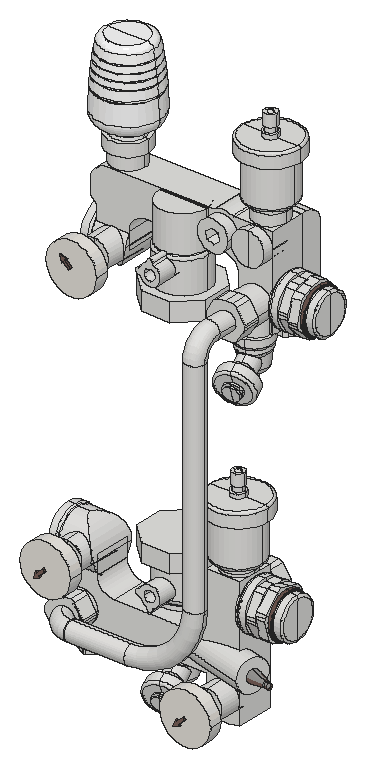
Revit family "VT.COMBI", category Оборудование, Revit 2019
Family settings
  Размер круглого соединителя = Использовать диаметр
  Тип детали = Нормальный
  Номер OmniClass = 23.75.00.00
  Заголовок OmniClass = Climate Control (HVAC)
  На основе рабочей плоскости = Нет
  Всегда вертикально = Да
  При загрузке вырезать с полостями = Нет
  Общий = Нет
  Точка расчета площади = Нет
Parameters
  Тип статьи = Группа модели  # "COMBI/S"
  Техническое описание = "https://valtec.ru/catalog/sistemy_modulnogo_montazha/smesitelnye_uzly/nasosno_smesitelnyj_uzel_dlya_teplogo_pola_valtec_combi_vtcombi0.html"
  Страна производитель = "Italy"
  Семейство продуктов = "Насосно-смесительный узел"
  Произведено в = "Сделано в Италии"  # constant formula
  Продукт = "COMBIMIX"
  Практическое руководство по использованию семьи = "- Вы должны выбрать тип смешивания. Отметьте эту опцию в параметрах «Свойства модели - смешивание с фиксированной точкой» или «Свойства модели - смешивание с внешней компенсированной температурой».\r\n- Вы должны выбрать место для насоса. Отметьте этот параметр в параметрах «Свойства модели - 130 мм пространства насоса» или «Свойства модели - 180 мм пространства насоса».\r\n- Вы должны выбрать, если насос включен или нет. Установите этот флажок в параметрах «Свойства модели - насос включен» или «Свойства модели - насос не включен».\r\n- Вы должны выбрать версию без байпаса (ожидается электронный насос с переменной скоростью) или с байпасом (ожидается стандартный трехскоростной насос). Отметьте эту опцию в параметрах «Свойства модели - байпас для электронасоса с переменной скоростью» или «Свойства модели - байпас для трехскоростного насоса»."
  Полный гидравлический возвратный поток = 0.0 L/s
  Описание статьи = Описание  # "Насосно-смесительный узел"
  Описание Конфигурации = "Регулятор COMBIMIX для излучающих систем."
  Описание OmniClass = "Арматура"
  Описание NBS = "Арматура"
  Общий поток подачи гидравлики = 0.0 L/s
  Номинальная ширина = 0 mm
  Номинальная высота = 0 mm
  Название производителя = "IVAR"
  Материал основной = "Brass"
  Материал вторичный = "Copper"
  Мастерформат 2014 Описание = "Отопление, вентиляция и кондиционирование воздуха (HVAC)"
  Линия продуктов = "радиаторные системы"  # constant formula
  Инструкции по установке = "https://valtec.ru/catalog/sistemy_modulnogo_montazha/smesitelnye_uzly/nasosno_smesitelnyj_uzel_dlya_teplogo_pola_valtec_combi_vtcombi0.html"
  Дата публикации = ""
  Группа товаров = "Смесительно группа для систем COMBIMIX"
  Гидравлический поток подачи = 0.0 L/s
  Гидравлический возвратный поток = 0.0 L/s
  нет байпаса для электронного насоса с переменной скоростью [instance] = yes
  байпас для трехскоростного насоса [instance] = not(нет байпаса для электронного насоса с переменной скоростью)  # no
  смешивание с внешней компенсированной температурой [instance] = not(смешивание с фиксированной точкой)  # no
  смешивание с фиксированной точкой [instance] = yes
  Вес нетто (Kg) = "0"
  Uniformat II Description = "HVAC"
  Uniclass 2015 Имя = "Системы отопления, охлаждения и охлаждения"
  Uniclass 2.0 Описание = "Арматура"
  Uniclass 1.4 Описание = "Арматура"
  URL продукта = "https://valtec.ru/catalog/sistemy_modulnogo_montazha/smesitelnye_uzly/nasosno_smesitelnyj_uzel_dlya_teplogo_pola_valtec_combi_vtcombi0.html"
  URL бренда = "https://valtec.ru/catalog/sistemy_modulnogo_montazha/smesitelnye_uzly/nasosno_smesitelnyj_uzel_dlya_teplogo_pola_valtec_combi_vtcombi0.html"
  URL = "https://valtec.ru/catalog/sistemy_modulnogo_montazha/smesitelnye_uzly/nasosno_smesitelnyj_uzel_dlya_teplogo_pola_valtec_combi_vtcombi0.html"
  Revit Version = "2018"  # constant formula
  Размеры соединения насоса = "G 1\"1/2F flat seal"
  Макс рабочая температура = 100 °C
  Макс рабочее давление = 1000000.0 Pa
  IFC классификация = "Клапан"
  Размер соединения = "G 1\""
  COBIe Тип Категория = ""
  BIM код основной категории объекта = "Водопровод"
  BIM код категории объекта = "Водопровод-дополнительный"
  BIM категория объекта = "Дополнительный"
  BIM главная категория объекта = "Водопровод"
  180мм пространство насосное [instance] = yes
  Изготовитель = "IVAR"  # constant formula
  Группа модели = "COMBI/S"  # constant formula
  Manufacturer URL = "https://valtec.ru/catalog/sistemy_modulnogo_montazha/smesitelnye_uzly/nasosno_smesitelnyj_uzel_dlya_teplogo_pola_valtec_combi_vtcombi0.html"
  Family Version = "Rev.00"  # constant formula
  EMCS Version = "3.0"  # constant formula
  Описание = "Насосно-смесительный узел"  # constant formula
Reference planes
  plane 1 "Centro (Fronte/Retro)": y = 0
  plane 2: z = 0
  plane 3 "Centro (Sinistra/Destra)": x = 0
  plane 4: z = 0
Forms (mm)
  Extrusion 1, solid, material "RGB 233 227 216", detail levels medium+fine
    sketch origin (-114.408, -13.86, 331.639) x (1, 0, 0) y (0, 0, -1)
      loop
        circle (113.47, 331.639) r 20
    from -40.997 to -30.914
  Revolve 2, solid, material "Brass - Nickel", detail levels medium+fine
    sketch origin (-0.937, 0, 249.375) x (0, 1, 0) y (0, 0, 1)
      loop
        line (-32.823, -249.203) -> (-32.823, -244.861) -> (-45.074, -244.861) -> (-45.074, -249.203) -> (-32.823, -249.203)
      axis (-32.823, -249.203) -> (-45.074, -249.203)
    angle from 0 to 360
  Revolve 3, solid, material "Brass - Nickel", detail levels medium+fine
    sketch origin (-1, -0.005, 252.093) x (0, 1, 0) y (0, 0, 1)
      loop
        line (4.147, -251.762) -> (4.147, -238.699) -> (-32.823, -239.99) -> (-32.823, -251.762) -> (4.147, -251.762)
      axis (4.147, -251.762) -> (-32.823, -251.762)
    angle from 0 to 360
  Extrusion 4, solid, material "PA Nylon 6 - Black", detail levels fine
    sketch origin (-101.569, 0, 557.735) x (-0.681998, 0, -0.731354) y (0.731354, 0, -0.681998)
      loop
        line (338.094, 453.78) -> (338.094, 447.53) -> (337.012, 447.53) -> (339.344, 442.53) -> (341.834, 447.869) -> (340.594, 447.869) -> (340.594, 453.78) -> (338.094, 453.78)
    from 56.176 to 54.857
  Revolve 5, solid, material "Brass - Nickel", detail levels medium+fine
    sketch origin (223.213, 0, -173.084) x (1, 0, 0) y (0, 0, 1)
      loop
        line (-110.213, 302.071) -> (-111.347, 302.071) -> (-112.213, 300.571) -> (-115.063, 300.571) -> (-115.063, 291.801) -> (-114.013, 291.801) -> (-114.013, 287.571) -> (-115.069, 287.571)
        arc (-115.069, 287.571) -> (-115.552, 287.371) -> (-115.752, 286.887) r 0.683
        line (-115.752, 286.887) -> (-115.752, 283.771) -> (-131.874, 283.771)
        arc (-131.874, 283.771) -> (-133.135, 283.248) -> (-133.657, 281.988) r 1.783
        line (-133.657, 281.988) -> (-133.657, 272.584) -> (-129.113, 272.584) -> (-129.113, 241.092)
        arc (-129.113, 241.092) -> (-128.667, 240.016) -> (-127.591, 239.571) r 1.522
        line (-127.591, 239.571) -> (-123.853, 239.571) -> (-123.853, 235.071) -> (-123.067, 235.071) -> (-123.067, 226.084) -> (-110.213, 226.084) -> (-110.213, 302.071)
      axis (-110.213, 226.084) -> (-110.213, 302.071)
    angle from 0 to 360
  Extrusion 6, solid, material "Brass - Nickel", detail levels medium+fine
    sketch origin (0, 0, 0) x (1, 0, 0) y (0, 0, 1)
      loop
        arc (-18, 30.743) -> (-17.333, 28.119) -> (-15.495, 26.131) r 5.498
        arc (-15.495, 26.131) -> (-13.664, 24.151) -> (-13, 21.538) r 5.476
        line (-13, 21.538) -> (-13, 0) -> (12.997, 0) -> (12.997, 14.004)
        arc (12.997, 14.004) -> (16.804, 23.196) -> (25.996, 27.003) r 12.999
        line (25.996, 27.003) -> (76.011, 27.003)
        arc (76.011, 27.003) -> (80.671, 25.269) -> (85.642, 25.154) r 15
        arc (85.642, 25.154) -> (95.28, 22.328) -> (99.454, 13.192) r 12.086
        line (99.454, 13.192) -> (99.454, -20.5) -> (126, -20.5) -> (126, 53) -> (96.006, 53)
        arc (96.006, 53) -> (95.07, 53.109) -> (94.184, 53.428) r 4.089
        arc (94.184, 53.428) -> (87.289, 54.999) -> (80.441, 53.235) r 15
        arc (80.441, 53.235) -> (79.985, 53.06) -> (79.5, 53) r 2
        line (79.5, 53) -> (-5.024, 53)
        arc (-5.024, 53) -> (-14.199, 49.199) -> (-18, 40.024) r 12.976
        line (-18, 40.024) -> (-18, 30.743)
    from -14.5 to 14.5
  Extrusion 7, solid, material "Brass - Nickel", detail levels fine
    sketch origin (0, 0, 0) x (1, 0, 0) y (0, 0, 1)
      loop
        circle (56.5, 13) r 4.382
      loop
        arc (59.796, 20.411) -> (59.034, 21.054) -> (58.736, 22.006) r 1.787
        arc (58.736, 22.006) -> (56.5, 24.195) -> (54.264, 22.006) r 2.236
        arc (54.264, 22.006) -> (53.966, 21.054) -> (53.204, 20.411) r 1.787
        arc (53.204, 20.411) -> (50.765, 18.735) -> (49.089, 16.296) r 8.111
        arc (49.089, 16.296) -> (48.446, 15.534) -> (47.494, 15.236) r 1.787
        arc (47.494, 15.236) -> (45.305, 13) -> (47.494, 10.764) r 2.236
        arc (47.494, 10.764) -> (48.446, 10.466) -> (49.089, 9.704) r 1.787
        arc (49.089, 9.704) -> (62.235, 7.265) -> (59.796, 20.411) r 8.111
    from 0 to 48.854
  Revolve 8, solid, material "Plastic - White", visible <- "смешивание с фиксированной точкой", detail levels medium+fine
    sketch origin (0, 0, 0.097) x (1, 0, 0) y (0, 0, 1)
      loop
        line (0, 106.18) -> (0, 73.756) -> (12.882, 73.756) -> (12.882, 76.572)
        arc (12.882, 76.572) -> (13.772, 78.877) -> (15.98, 79.986) r 3.429
        arc (15.98, 79.986) -> (22.536, 83.348) -> (25.009, 90.288) r 10
        line (25.009, 90.288) -> (24.454, 106.18) -> (23.539, 106.18) -> (23.539, 108.031) -> (24.414, 108.031)
        arc (24.414, 108.031) -> (24.205, 111.537) -> (23.853, 115.031) r 85.798
        line (23.853, 115.031) -> (21.792, 115.031)
        arc (21.792, 115.031) -> (21.292, 115.531) -> (21.792, 116.031) r 0.5
        line (21.792, 116.031) -> (23.755, 116.031)
        arc (23.755, 116.031) -> (23.543, 118.285) -> (23.257, 120.531) r 68.892
        line (23.257, 120.531) -> (21.195, 120.531)
        arc (21.195, 120.531) -> (20.695, 121.031) -> (21.195, 121.531) r 0.5
        line (21.195, 121.531) -> (23.134, 121.531)
        arc (23.134, 121.531) -> (22.853, 123.785) -> (22.523, 126.031) r 103.712
        line (22.523, 126.031) -> (20.461, 126.031)
        arc (20.461, 126.031) -> (19.961, 126.531) -> (20.461, 127.031) r 0.5
        line (20.461, 127.031) -> (22.374, 127.031)
        arc (22.374, 127.031) -> (22.028, 129.284) -> (21.649, 131.531) r 153.627
        line (21.649, 131.531) -> (19.587, 131.531)
        arc (19.587, 131.531) -> (19.087, 132.031) -> (19.587, 132.531) r 0.5
        line (19.587, 132.531) -> (21.475, 132.531)
        arc (21.475, 132.531) -> (20.893, 135.701) -> (20.265, 138.862) r 224.027
        arc (20.265, 138.862) -> (18.526, 141.729) -> (15.368, 142.853) r 5
        line (15.368, 142.853) -> (0, 142.853) -> (0, 106.18)
      axis (0, 142.853) -> (0, 73.756)
    angle from 0 to 360
  Revolve 9, solid, material "Brass - Nickel", detail levels medium+fine
    sketch origin (0, 0, 0) x (1, 0, 0) y (0, 0, 1)
      loop
        arc (-16.203, -20) -> (-15.418, -19.833) -> (-14.769, -19.36) r 1.926
        arc (-14.769, -19.36) -> (-14.404, -19.094) -> (-13.962, -19) r 1.084
        line (-13.962, -19) -> (12.997, -19) -> (12.997, 0) -> (-21.5, 0) -> (-21.5, -16.3) -> (-21.5, -20) -> (-16.203, -20)
      axis (-21.5, 0) -> (12.997, 0)
    angle from 0 to 360
  Extrusion 10, void
    sketch origin (0, 0, 0) x (1, 0, 0) y (0, 0, 1)
      loop
        line (-4.454, -19) -> (12.997, -19) -> (12.997, 4)
        arc (12.997, 4) -> (8.14, -10.435) -> (-4.454, -19) r 23.882
    from -100 to 100
  Revolve 11, solid, material "Brass - Nickel", detail levels medium+fine
    sketch origin (113, 0, 0) x (-1, 0, 0) y (0, 0, 1)
      loop
        arc (-16.203, -20) -> (-15.418, -19.833) -> (-14.769, -19.36) r 1.926
        arc (-14.769, -19.36) -> (-14.404, -19.094) -> (-13.962, -19) r 1.084
        line (-13.962, -19) -> (-13, -19) -> (-13, 0) -> (-21.5, 0) -> (-21.5, -20) -> (-16.203, -20)
      axis (-21.5, 0) -> (-13, 0)
    angle from 0 to 360
  Extrusion 12, solid, material "Brass - Nickel", detail levels fine
    sketch origin (0.938, 0, 0) x (1, 0, 0) y (0, 0, 1)
      loop
        line (84.327, 45.686) -> (79.904, 41.975) -> (80.907, 36.289) -> (86.332, 34.314) -> (90.755, 38.025) -> (89.752, 43.711) -> (84.327, 45.686)
      loop
        circle (85.33, 40.25) r 12
    from 0 to 24
  Extrusion 13, solid, material "Brass - Nickel", detail levels medium+fine
    sketch origin (0, -174.715, -655.949) x (0, 1, 0) y (0, 0, 1)
      loop
        line (154.855, 658.306) -> (154.855, 655.949) -> (154.855, 653.592) -> (162.743, 639.928) -> (166.826, 637.571) -> (174.723, 637.571) -> (182.604, 637.571) -> (186.687, 639.928) -> (194.576, 653.592) -> (194.576, 655.949) -> (194.576, 658.306) -> (186.687, 671.97) -> (182.604, 674.327) -> (174.723, 674.327) -> (166.826, 674.327) -> (162.743, 671.97) -> (154.855, 658.306)
    from 134.5 to 142.29
  Extrusion 14, solid, material "Brass - Nickel", detail levels medium+fine
    sketch origin (7.79, -10.837, -678.732) x (0, 0.970296, 0.241922) y (0, -0.241922, 0.970296)
      loop
        line (154.855, 658.306) -> (154.855, 655.949) -> (154.855, 653.592) -> (162.743, 639.928) -> (166.826, 637.571) -> (174.723, 637.571) -> (182.604, 637.571) -> (186.687, 639.928) -> (194.576, 653.592) -> (194.576, 655.949) -> (194.576, 658.306) -> (186.687, 671.97) -> (182.604, 674.327) -> (174.723, 674.327) -> (166.826, 674.327) -> (162.743, 671.97) -> (154.855, 658.306)
    from 134.5 to 142.29
  Extrusion 15, solid, material "Brass - Nickel", detail levels medium+fine
    sketch origin (0, 0, 0) x (1, 0, 0) y (0, 0, 1)
      loop
        circle (112.83, -1.5) r 13
    from -13.998 to 31.533
  Extrusion 16, solid, material "Brass - Nickel", detail levels medium+fine
    sketch origin (-61.893, 92.346, -657.449) x (1, 0, 0) y (0, 0, 1)
      loop
        line (159.873, 657.711) -> (159.873, 655.949) -> (159.873, 654.187) -> (165.769, 643.974) -> (168.821, 642.212) -> (174.723, 642.212) -> (180.613, 642.212) -> (183.665, 643.974) -> (189.561, 654.187) -> (189.561, 655.949) -> (189.561, 657.711) -> (183.665, 667.924) -> (180.613, 669.686) -> (174.723, 669.686) -> (168.821, 669.686) -> (165.769, 667.924) -> (159.873, 657.711)
    from 123.88 to 136.846
  Extrusion 17, solid, material "RGB 233 227 216", detail levels medium+fine
    sketch origin (-114.095, -40.003, -533.639) x (1, 0, 0) y (0, 0, -1)
      loop
        circle (113.47, -331.619) r 20
    from -40.997 to -30.914
  Revolve 18, solid, material "Brass - Nickel", detail levels medium+fine
    sketch origin (-0.625, -26.143, -451.375) x (0, 1, 0) y (0, 0, 1)
      loop
        line (-32.823, 249.182) -> (-45.074, 249.182) -> (-45.074, 244.841) -> (-32.823, 244.841) -> (-32.823, 249.182)
      axis (-32.823, 249.182) -> (-45.074, 249.182)
    angle from 0 to 360
  Revolve 19, solid, material "Brass - Nickel", detail levels medium+fine
    sketch origin (-0.937, -26.143, -454.075) x (0, 1, 0) y (0, 0, 1)
      loop
        line (4.147, 251.742) -> (-32.823, 251.742) -> (-32.823, 239.969) -> (4.147, 238.678) -> (4.147, 251.742)
      axis (4.147, 251.742) -> (-32.823, 251.742)
    angle from 0 to 360
  Extrusion 20, solid, material "PA Nylon 6 - Black", detail levels fine
    sketch origin (-101.256, -26.143, -759.735) x (-0.681998, 0, 0.731354) y (-0.731354, 0, -0.681998)
      loop
        line (338.079, -453.766) -> (340.579, -453.766) -> (340.579, -447.855) -> (341.819, -447.855) -> (339.329, -442.516) -> (336.998, -447.516) -> (338.079, -447.516) -> (338.079, -453.766)
    from 56.176 to 54.857
  Extrusion 21, solid, material "Brass - Nickel", detail levels medium+fine
    sketch origin (0, -32, -202) x (1, 0, 0) y (0, 0, 1)
      loop
        line (-18, -30.763) -> (-18, -40.044)
        arc (-18, -40.044) -> (-14.199, -49.22) -> (-5.024, -53.02) r 12.976
        line (-5.024, -53.02) -> (99.525, -53.02) -> (99.525, -81.481)
        arc (99.525, -81.481) -> (112.762, -83.009) -> (126, -81.481) r 58.134
        line (126, -81.481) -> (126, 20.48) -> (99.454, 20.48) -> (99.454, -14.041)
        arc (99.454, -14.041) -> (95.651, -23.221) -> (86.471, -27.024) r 12.982
        line (86.471, -27.024) -> (25.996, -27.024)
        arc (25.996, -27.024) -> (16.804, -23.216) -> (12.997, -14.025) r 12.999
        line (12.997, -14.025) -> (12.997, -0.02) -> (-13, -0.02) -> (-13, -21.558)
        arc (-13, -21.558) -> (-13.664, -24.172) -> (-15.495, -26.151) r 5.476
        arc (-15.495, -26.151) -> (-17.333, -28.139) -> (-18, -30.763) r 5.498
    from -14.5 to 14.5
  Extrusion 22, solid, material "Brass - Nickel", detail levels fine
    sketch origin (0, 0, -202) x (1, 0, 0) y (0, 0, 1)
      loop
        circle (56.5, -13.02) r 4.382
      loop
        arc (59.796, -20.431) -> (62.235, -7.285) -> (49.089, -9.724) r 8.111
        arc (49.089, -9.724) -> (48.446, -10.486) -> (47.494, -10.785) r 1.787
        arc (47.494, -10.785) -> (45.305, -13.02) -> (47.494, -15.256) r 2.236
        arc (47.494, -15.256) -> (48.446, -15.555) -> (49.089, -16.317) r 1.787
        arc (49.089, -16.317) -> (50.765, -18.755) -> (53.204, -20.431) r 8.111
        arc (53.204, -20.431) -> (53.966, -21.075) -> (54.264, -22.026) r 1.787
        arc (54.264, -22.026) -> (56.5, -24.216) -> (58.736, -22.026) r 2.236
        arc (58.736, -22.026) -> (59.034, -21.075) -> (59.796, -20.431) r 1.787
    from 0 to 48.854
  Revolve 23, solid, material "Brass - Nickel", detail levels medium+fine
    sketch origin (0, -32, -202) x (1, 0, 0) y (0, 0, -1)
      loop
        line (-13, 46.622) -> (0, 46.622) -> (0, 60.52) -> (-13, 60.52) -> (-13, 46.622)
      axis (0, 46.622) -> (0, 60.52)
    angle from 0 to 360
  Revolve 24, solid, material "Brass - Nickel", detail levels medium+fine
    sketch origin (0, -32, -202) x (1, 0, 0) y (0, 0, -1)
      loop
        arc (-16.203, -19.98) -> (-15.418, -19.812) -> (-14.769, -19.34) r 1.926
        arc (-14.769, -19.34) -> (-14.404, -19.074) -> (-13.962, -18.98) r 1.084
        line (-13.962, -18.98) -> (12.997, -18.98) -> (12.997, 0.02) -> (-21.5, 0.02) -> (-21.5, -16.239) -> (-21.5, -19.98) -> (-16.203, -19.98)
      axis (-21.5, 0.02) -> (12.997, 0.02)
    angle from 0 to 360
  Extrusion 25, void
    sketch origin (0, 0, -202) x (1, 0, 0) y (0, 0, 1)
      loop
        arc (-4.454, 18.98) -> (8.14, 10.415) -> (12.997, -4.02) r 23.882
        line (12.997, -4.02) -> (12.997, 18.98) -> (-4.454, 18.98)
    from -8.09 to 55
  Revolve 26, solid, material "Brass - Nickel", detail levels medium+fine
    sketch origin (113, -32, -202) x (-1, 0, 0) y (0, 0, -1)
      loop
        arc (-16.203, -19.98) -> (-15.418, -19.812) -> (-14.769, -19.34) r 1.926
        arc (-14.769, -19.34) -> (-14.404, -19.074) -> (-13.962, -18.98) r 1.084
        line (-13.962, -18.98) -> (-13, -18.98) -> (-13, 0.02) -> (-21.5, 0.02) -> (-21.5, -19.98) -> (-16.203, -19.98)
      axis (-21.5, 0.02) -> (-13, 0.02)
    angle from 0 to 360
  Extrusion 27, solid, material "Brass - Nickel", detail levels medium+fine
    sketch origin (0, -206.715, 453.949) x (0, 1, 0) y (0, 0, 1)
      loop
        line (154.855, -658.327) -> (162.743, -671.991) -> (166.826, -674.348) -> (174.723, -674.348) -> (182.604, -674.348) -> (186.687, -671.991) -> (194.576, -658.327) -> (194.576, -655.969) -> (194.576, -653.612) -> (186.687, -639.948) -> (182.604, -637.591) -> (174.723, -637.591) -> (166.826, -637.591) -> (162.743, -639.948) -> (154.855, -653.612) -> (154.855, -655.969) -> (154.855, -658.327)
    from 134.5 to 142.29
  Extrusion 28, solid, material "Brass - Nickel", detail levels medium+fine
    sketch origin (7.79, -42.837, 476.732) x (0, 0.970296, -0.241922) y (0, 0.241922, 0.970296)
      loop
        line (154.859, -658.326) -> (162.748, -671.99) -> (166.831, -674.347) -> (174.727, -674.347) -> (182.609, -674.347) -> (186.692, -671.99) -> (194.581, -658.326) -> (194.581, -655.969) -> (194.581, -653.612) -> (186.692, -639.948) -> (182.609, -637.59) -> (174.727, -637.59) -> (166.831, -637.59) -> (162.748, -639.948) -> (154.859, -653.612) -> (154.859, -655.969) -> (154.859, -658.326)
    from 134.5 to 142.29
  Extrusion 29, solid, material "Brass - Nickel", detail levels medium+fine
    sketch origin (0, 0, -203.5) x (1, 0, 0) y (0, 0, 1)
      loop
        circle (112.83, 1.48) r 11.5
    from 10.5 to 32
  Revolve 30, solid, material "Brass - Nickel", detail levels medium+fine
    sketch origin (223.213, -32, -413.834) x (1, 0, 0) y (0, 0, 1)
      loop
        line (-110.213, 302.008) -> (-111.347, 302.008) -> (-112.213, 300.508) -> (-115.063, 300.508) -> (-115.063, 291.739) -> (-114.013, 291.739) -> (-114.013, 287.508) -> (-115.069, 287.508)
        arc (-115.069, 287.508) -> (-115.552, 287.308) -> (-115.752, 286.824) r 0.683
        line (-115.752, 286.824) -> (-115.752, 283.708) -> (-131.874, 283.708)
        arc (-131.874, 283.708) -> (-133.135, 283.186) -> (-133.657, 281.925) r 1.783
        line (-133.657, 281.925) -> (-133.657, 272.522) -> (-129.113, 272.522) -> (-129.113, 241.072)
        arc (-129.113, 241.072) -> (-128.667, 239.996) -> (-127.591, 239.55) r 1.522
        line (-127.591, 239.55) -> (-123.853, 239.55) -> (-123.853, 235.05) -> (-123.067, 235.05) -> (-123.067, 226.064) -> (-110.213, 226.064) -> (-110.213, 302.008)
      axis (-110.213, 226.064) -> (-110.213, 302.008)
    angle from 0 to 360
  Extrusion 31, solid, material "Brass - Nickel", detail levels medium+fine
    sketch origin (-349.401, -1008.659, -300.146) x (1, 0, 0) y (0, 1, 0)
      loop
        line (349.401, 988.062) -> (347.987, 987.964) -> (340.298, 983.524) -> (338.907, 981.116) -> (338.907, 976.662) -> (338.907, 972.209) -> (340.298, 969.801) -> (347.987, 965.361) -> (349.401, 965.262) -> (350.816, 965.361) -> (358.505, 969.801) -> (359.896, 972.209) -> (359.896, 976.662) -> (359.896, 981.116) -> (358.505, 983.524) -> (350.816, 987.964) -> (349.401, 988.062)
    from 22.503 to 30
  Extrusion 32, solid, material "Brass - Nickel", detail levels medium+fine
    sketch origin (-349.401, -1008.659, 20) x (1, 0, 0) y (0, 1, 0)
      loop
        line (349.401, 988.662) -> (343.783, 988.662) -> (341.818, 987.528) -> (336.2, 977.797) -> (336.2, 976.659) -> (336.2, 975.528) -> (341.818, 965.797) -> (343.783, 964.662) -> (349.401, 964.662) -> (355.019, 964.662) -> (356.985, 965.797) -> (362.603, 975.528) -> (362.603, 976.659) -> (362.603, 977.797) -> (356.985, 987.528) -> (355.019, 988.662) -> (349.401, 988.662)
    from -290.146 to -282.5
  Extrusion 33, solid, material "Brass - Nickel", detail levels medium+fine
    sketch origin (-112.83, -32, -240.5) x (1, 0, 0) y (0, 0, 1)
      loop
        circle (112.83, -1.52) r 13
    from 0 to 31.533
  Extrusion 34, solid, material "Brass - Nickel", detail levels medium+fine
    sketch origin (-174.723, 73.284, -897.949) x (1, 0, 0) y (0, 0, 1)
      loop
        line (159.873, 657.691) -> (159.873, 655.929) -> (159.873, 654.167) -> (165.769, 643.954) -> (168.821, 642.192) -> (174.723, 642.192) -> (180.613, 642.192) -> (183.665, 643.954) -> (189.561, 654.167) -> (189.561, 655.929) -> (189.561, 657.691) -> (183.665, 667.904) -> (180.613, 669.665) -> (174.723, 669.665) -> (168.821, 669.665) -> (165.769, 667.904) -> (159.873, 657.691)
    from 123.88 to 136.846
  Extrusion 35, solid, material "RGB 233 227 216", detail levels medium+fine
    sketch origin (-0.708, -43.503, -597.639) x (1, 0, 0) y (0, 0, -1)
      loop
        circle (113.47, -331.619) r 20
    from -40.997 to -30.914
  Revolve 36, solid, material "Brass - Nickel", detail levels medium+fine
    sketch origin (112.762, -29.643, -515.375) x (0, 1, 0) y (0, 0, 1)
      loop
        line (-32.823, 249.182) -> (-45.074, 249.182) -> (-45.074, 244.841) -> (-32.823, 244.841) -> (-32.823, 249.182)
      axis (-32.823, 249.182) -> (-45.074, 249.182)
    angle from 0 to 360
  Revolve 37, solid, material "Brass - Nickel", detail levels medium+fine
    sketch origin (112.762, -29.643, -518.075) x (0, 1, 0) y (0, 0, 1)
      loop
        line (-9.511, 251.742) -> (-32.823, 251.742) -> (-32.823, 239.969) -> (-9.511, 239.562) -> (-9.511, 251.742)
      axis (-9.511, 251.742) -> (-32.823, 251.742)
    angle from 0 to 360
  Extrusion 38, solid, material "PA Nylon 6 - Black", detail levels fine
    sketch origin (12.131, -29.643, -823.735) x (-0.681998, 0, 0.731354) y (-0.731354, 0, -0.681998)
      loop
        line (338.079, -453.766) -> (340.579, -453.766) -> (340.579, -447.855) -> (341.819, -447.855) -> (339.329, -442.516) -> (336.998, -447.516) -> (338.079, -447.516) -> (338.079, -453.766)
    from 56.176 to 54.857
  Extrusion 39, solid, material "Brass - Nickel", detail levels fine
    sketch origin (123.394, 6.71, 0) x (0.258819, 0.965926, 0) y (0, 0, 1)
      loop
        circle (-50.614, -242.021) r 12.5
    from -36.32 to 28.834
  Sweep 40, solid, material "Copper - Nickel", detail levels medium+fine
    path origin (0, -75, 0) x (1, 0, 0) y (0, 0, 1)
      loop
        line (15, -242.021) -> (63, -242.021)
        arc (63, -242.021) -> (98.355, -227.377) -> (113, -192.021) r 50
        line (113, -192.021) -> (113, -16.5)
    profile origin (39, -75, -242.021) x (0, 0, 1) y (0, -1, 0)
      loop
        circle (0, 0) r 7.5
  Sweep 41, solid, material "Copper - Nickel", detail levels medium+fine
    path origin (113, 0, 0) x (0, 1, 0) y (0, 0, 1)
      loop
        arc (-75, -16.5) -> (-70.607, -5.893) -> (-60, -1.5) r 15
        line (-60, -1.5) -> (-41.249, -1.5)
    profile origin (113, -50.625, -1.5) x (0, 0, 1) y (1, 0, 0)
      loop
        circle (0, 0) r 7.5
  Sweep 42, solid, material "Copper - Nickel", detail levels medium+fine
    path origin (-1.5, 0, -242.001) x (0, 1, 0) y (-1, 0, 0)
      loop
        arc (-75, -16.5) -> (-70.607, -5.893) -> (-60, -1.5) r 15
        line (-60, -1.5) -> (-51.71, -1.5)
    profile origin (0, -55.855, -242.001) x (-1, 0, 0) y (0, 0, 1)
      loop
        circle (0, 0) r 7.5
  Revolve 43, solid, material "Plastic - White", visible <- "смешивание с внешней компенсированной температурой", detail levels medium+fine
    sketch origin (-223.298, 0, 9.135) x (1, 0, 0) y (0, 0, 1)
      loop
        line (223.298, 54.834) -> (223.298, 76.174) -> (220.679, 76.174)
        arc (220.679, 76.174) -> (216.266, 75.966) -> (211.892, 75.341) r 46.754
        arc (211.892, 75.341) -> (209.309, 73.812) -> (208.292, 70.988) r 4.433
        line (208.292, 70.988) -> (208.292, 67.232)
        arc (208.292, 67.232) -> (207.891, 65.17) -> (206.747, 63.407) r 5.507
        arc (206.747, 63.407) -> (206.415, 62.896) -> (206.299, 62.298) r 1.596
        line (206.299, 62.298) -> (206.299, 54.834) -> (223.298, 54.834)
      axis (223.298, 54.834) -> (223.298, 76.174)
    angle from 0 to 360
  Extrusion 44, solid, material "Brass - Nickel", detail levels medium+fine
    sketch origin (-2.108, 0, 0) x (0, 1, 0) y (0, 0, 1)
      loop
        line (14.5, 53) -> (14.5, -20.5) -> (32, -20.5) -> (32, 40.425)
        arc (32, 40.425) -> (28.317, 49.317) -> (19.425, 53) r 12.575
        line (19.425, 53) -> (14.5, 53)
    from 101.562 to 128.108
  Extrusion 45, solid, material "Brass - Nickel", detail levels medium+fine
    sketch origin (-61.893, 104.846, -857.949) x (1, 0, 0) y (0, 0, 1)
      loop
        line (159.873, 657.691) -> (159.873, 655.929) -> (159.873, 654.167) -> (165.769, 643.954) -> (168.821, 642.192) -> (174.723, 642.192) -> (180.613, 642.192) -> (183.665, 643.954) -> (189.561, 654.167) -> (189.561, 655.929) -> (189.561, 657.691) -> (183.665, 667.904) -> (180.613, 669.665) -> (174.723, 669.665) -> (168.821, 669.665) -> (165.769, 667.904) -> (159.873, 657.691)
    from 103.846 to 115.346
  Extrusion 46, solid, material "Brass - Nickel", detail levels medium+fine
    sketch origin (-61.723, -637.395, -136.345) x (1, 0, 0) y (0, 1, 0)
      loop
        line (159.873, 657.711) -> (159.873, 655.949) -> (159.873, 654.187) -> (165.769, 643.974) -> (168.821, 642.212) -> (174.723, 642.212) -> (180.613, 642.212) -> (183.665, 643.974) -> (189.561, 654.187) -> (189.561, 655.949) -> (189.561, 657.711) -> (183.665, 667.924) -> (180.613, 669.686) -> (174.723, 669.686) -> (168.821, 669.686) -> (165.769, 667.924) -> (159.873, 657.711)
    from 103.846 to 115.845
  Extrusion 47, solid, material "Brass - Nickel", detail levels medium+fine
    sketch origin (0, 0, 0) x (1, 0, 0) y (0, 1, 0)
      loop
        circle (112.926, -14.736) r 11.4
    from -20.196 to 0
  Sweep 48, solid, material "Copper - Nickel", visible <- "байпас для трехскоростного насоса", detail levels medium+fine
    path origin (0, 0, 0) x (0, 1, 0) y (0, 0, 1)
      loop
        line (-4.679, -202.02) -> (-1.5, -202.02)
        arc (-1.5, -202.02) -> (12.642, -196.163) -> (18.5, -182.02) r 20
        line (18.5, -182.02) -> (18.5, -28.25)
    profile origin (0, -3.09, -202.02) x (0, 0, 1) y (1, 0, 0)
      loop
        circle (0, 113) r 7.5
  Revolve 49, solid, material "Brass - Nickel", visible <- "байпас для трехскоростного насоса", detail levels medium+fine
    sketch origin (113, -421.12, -92.461) x (0, 0.230646, -0.973038) y (0, 0.973038, 0.230646)
      loop
        line (-41.775, 398.068) -> (-37.021, 418.126) -> (-47.69, 420.656) -> (-48.843, 415.79) -> (-47.344, 413.649) -> (-50.545, 400.147) -> (-41.775, 398.068)
      axis (-37.021, 418.126) -> (-41.775, 398.068)
    angle from 0 to 360
  Revolve 50, solid, material "PA Nylon 6 - Black", visible <- "байпас для трехскоростного насоса", detail levels medium+fine
    sketch origin (113, -421.12, -92.461) x (0, 0.230646, -0.973038) y (0, 0.973038, 0.230646)
      loop
        line (-48.579, 369.364) -> (-41.775, 398.068) -> (-52.944, 400.715) -> (-54.367, 399.186) -> (-54.629, 398.038) -> (-55.569, 398.253) -> (-56.295, 397.136)
        arc (-56.295, 397.136) -> (-56.522, 396.707) -> (-56.671, 396.246) r 2.761
        line (-56.671, 396.246) -> (-61.446, 375.29)
        arc (-61.446, 375.29) -> (-61.089, 373.171) -> (-59.344, 371.916) r 2.823
        line (-59.344, 371.916) -> (-48.579, 369.364)
      axis (-41.775, 398.068) -> (-48.579, 369.364)
    angle from 0 to 360
  Revolve 51, solid, material "Brass - Nickel", detail levels medium+fine
    sketch origin (113, -421.12, -92.461) x (0, 0.230646, -0.973038) y (0, 0.973038, 0.230646)
      loop
        line (-37.021, 418.126) -> (-31.761, 440.317) -> (-44.376, 443.307) -> (-49.636, 421.117) -> (-37.021, 418.126)
      axis (-31.761, 440.317) -> (-37.021, 418.126)
    angle from 0 to 360
  Revolve 52, solid, material "Brass - Nickel", detail levels medium+fine
    sketch origin (36.171, 59.526, 0) x (-0.258819, 0.965926, 0) y (0, 0, 1)
      loop
        line (-78.453, -259.696) -> (-78.453, -291.6) -> (-75.493, -291.6) -> (-75.493, -286.656) -> (-72.071, -286.656)
        arc (-72.071, -286.656) -> (-69.415, -285.636) -> (-68.123, -283.101) r 3.97
        line (-68.123, -283.101) -> (-67.051, -272.899) -> (-65.967, -270.773) -> (-65.967, -267.44) -> (-64.703, -265.494) -> (-64.703, -259.696) -> (-78.453, -259.696)
      axis (-78.453, -259.696) -> (-78.453, -291.6)
    angle from 0 to 360
  Revolve 53, solid, material "Brass - Nickel", detail levels medium+fine
    sketch origin (36.171, 59.526, 0) x (-0.258819, 0.965926, 0) y (0, 0, 1)
      loop
        line (-86.615, -269.057) -> (-97.744, -273.108) -> (-104.8, -270.54) -> (-105.633, -270.843) -> (-106.342, -268.893) -> (-113.343, -271.441)
        arc (-113.343, -271.441) -> (-114.394, -272.404) -> (-114.456, -273.828) r 1.863
        line (-114.456, -273.828) -> (-112.391, -279.503) -> (-114.243, -280.177) -> (-113.387, -282.529) -> (-114.367, -282.886) -> (-114.881, -281.473) -> (-116.003, -281.882) -> (-113.95, -287.52) -> (-83.878, -276.575) -> (-86.615, -269.057)
      axis (-113.95, -287.52) -> (-83.878, -276.575)
    angle from 0 to 360
  Revolve 54, solid, material "Brass - Nickel", detail levels medium+fine
    sketch origin (92.621, 59.476, 239.5) x (-0.258819, 0.965926, 0) y (0, 0, 1)
      loop
        line (-78.453, -259.696) -> (-78.453, -291.6) -> (-75.493, -291.6) -> (-75.493, -286.656) -> (-72.071, -286.656)
        arc (-72.071, -286.656) -> (-69.415, -285.636) -> (-68.123, -283.101) r 3.97
        line (-68.123, -283.101) -> (-67.051, -272.899) -> (-65.967, -270.773) -> (-65.967, -267.44) -> (-64.703, -265.494) -> (-64.703, -259.696) -> (-78.453, -259.696)
      axis (-78.453, -259.696) -> (-78.453, -291.6)
    angle from 0 to 360
  Revolve 55, solid, material "Brass - Nickel", detail levels medium+fine
    sketch origin (92.621, 59.476, 239.5) x (-0.258819, 0.965926, 0) y (0, 0, 1)
      loop
        line (-86.615, -269.057) -> (-97.744, -273.108) -> (-104.8, -270.54) -> (-105.633, -270.843) -> (-106.342, -268.893) -> (-113.343, -271.441)
        arc (-113.343, -271.441) -> (-114.394, -272.404) -> (-114.456, -273.828) r 1.863
        line (-114.456, -273.828) -> (-112.391, -279.503) -> (-114.243, -280.177) -> (-113.387, -282.529) -> (-114.367, -282.886) -> (-114.881, -281.473) -> (-116.003, -281.882) -> (-113.95, -287.52) -> (-83.878, -276.575) -> (-86.615, -269.057)
      axis (-113.95, -287.52) -> (-83.878, -276.575)
    angle from 0 to 360
  Revolve 56, solid, material "Brass - Nickel", visible <- "смешивание с фиксированной точкой", detail levels medium+fine
    sketch origin (0, 0, 0.097) x (1, 0, 0) y (0, 0, 1)
      loop
        line (-14.298, 64.256) -> (-14.298, 69.256) -> (0, 69.256) -> (0, 73.756) -> (-16.498, 73.756) -> (-16.498, 64.256) -> (-14.298, 64.256)
      axis (0, 73.756) -> (0, 64.256)
    angle from 0 to 360
  Revolve 57, solid, material "Brass - Nickel", detail levels medium+fine
    sketch origin (-624.799, 0, -398.804) x (1, 0, 0) y (0, 0, 1)
      loop
        line (611.875, 445.528) -> (624.799, 445.528) -> (624.799, 482.836) -> (623.656, 482.836) -> (623.656, 476.561) -> (621.259, 476.561) -> (621.259, 473.629) -> (615.63, 473.629) -> (615.63, 468.157) -> (610.938, 468.157) -> (609.938, 467.157) -> (609.938, 464.657) -> (610.938, 463.657) -> (611.875, 463.657) -> (611.875, 445.528)
      axis (624.799, 482.836) -> (624.799, 445.528)
    angle from 0 to 360
  Revolve 58, solid, material "Brass - Nickel", detail levels medium+fine
    sketch origin (-447.726, -32, -641.307) x (1, 0, 0) y (0, 0, 1)
      loop
        line (597.807, 439.307) -> (607.976, 439.307) -> (607.976, 453.736) -> (606.869, 455.653) -> (601.869, 455.653) -> (600.936, 454.038) -> (597.807, 454.038) -> (597.807, 439.307)
      axis (597.807, 439.307) -> (607.976, 439.307)
    angle from 0 to 360
  Revolve 59, solid, material "Brass - Nickel", detail levels medium+fine
    sketch origin (-447.726, 0, -439.307) x (1, 0, 0) y (0, 0, 1)
      loop
        line (597.807, 439.307) -> (607.976, 439.307) -> (607.976, 453.736) -> (606.869, 455.653) -> (601.869, 455.653) -> (600.936, 454.038) -> (597.807, 454.038) -> (597.807, 439.307)
      axis (597.807, 439.307) -> (607.976, 439.307)
    angle from 0 to 360
  Revolve 60, solid, material "EPDM - Black", detail levels fine
    sketch origin (40.346, 0, 17.25) x (1, 0, 0) y (0, 0, 1)
      loop
        circle (111.009, -0.491) r 1.25
      axis (109.759, -17.25) -> (112.259, -17.25)
    angle from 0 to 360
  Revolve 61, solid, material "EPDM - Black", detail levels fine
    sketch origin (40.346, -32, -184.781) x (1, 0, 0) y (0, 0, 1)
      loop
        circle (111.009, -0.491) r 1.25
      axis (109.759, -17.25) -> (112.259, -17.25)
    angle from 0 to 360
  Revolve 62, solid, material "Copper", detail levels fine
    sketch origin (30.636, -20.802, -460.211) x (-0.79124, 0.212012, 0.573576) y (-0.554032, 0.148453, -0.819152)
      loop
        line (18.705, -253.262) -> (35.088, -241.79) -> (31.934, -237.285) -> (21.203, -248.923)
        arc (21.203, -248.923) -> (20.8, -249.316) -> (20.356, -249.664) r 5.241
        line (20.356, -249.664) -> (18.417, -251.022)
        arc (18.417, -251.022) -> (17.986, -251.699) -> (18.159, -252.482) r 1.049
        line (18.159, -252.482) -> (18.705, -253.262)
      axis (18.705, -253.262) -> (35.088, -241.79)
    angle from 0 to 360
  Extrusion 63, solid, material "Brass - Nickel", visible <- "180мм пространство насосное", detail levels medium+fine
    sketch origin (277.5, 40.258, -251.17) x (-1, 0, 0) y (0, -1, 0)
      loop
        line (248.125, 45.327) -> (248.125, 67.798) -> (232.236, 83.687) -> (209.764, 83.687) -> (193.875, 67.798) -> (193.875, 45.327) -> (209.764, 29.438) -> (232.236, 29.438) -> (248.125, 45.327)
    from 232.17 to 246.7
  Extrusion 64, solid, material "Brass - Nickel", visible <- "180мм пространство насосное", detail levels medium+fine
    sketch origin (277.5, 40.258, -429.73) x (-1, 0, 0) y (0, -1, 0)
      loop
        line (248.125, 45.327) -> (248.125, 67.798) -> (232.236, 83.687) -> (209.764, 83.687) -> (193.875, 67.798) -> (193.875, 45.327) -> (209.764, 29.438) -> (232.236, 29.438) -> (248.125, 45.327)
    from 232.249 to 246.68
  Revolve 65, solid, material "Brass - Nickel", visible <- "180мм пространство насосное", detail levels medium+fine
    sketch origin (0, -16.304, 0) x (0, 0, -1) y (-1, 0, 0)
      loop
        arc (-19.843, -36.5) -> (-21.368, -36.798) -> (-22.668, -37.648) r 4.05
        arc (-22.668, -37.648) -> (-22.997, -37.863) -> (-23.384, -37.939) r 1.025
        line (-23.384, -37.939) -> (-52.431, -37.939) -> (-52.431, -56.5) -> (11.076, -56.5) -> (11.076, -36.5) -> (-19.843, -36.5)
      axis (-52.431, -56.5) -> (11.076, -56.5)
    angle from 0 to 360
  Revolve 66, solid, material "Brass - Nickel", visible <- "180мм пространство насосное", detail levels medium+fine
    sketch origin (0, -16.304, -202) x (0, 0, 1) y (-1, 0, 0)
      loop
        arc (-19.864, -36.5) -> (-21.388, -36.798) -> (-22.689, -37.648) r 4.05
        arc (-22.689, -37.648) -> (-23.018, -37.863) -> (-23.404, -37.939) r 1.025
        line (-23.404, -37.939) -> (-53.02, -37.939) -> (-53.02, -41.387)
        arc (-53.02, -41.387) -> (-53.639, -42.881) -> (-55.133, -43.5) r 2.113
        line (-55.133, -43.5) -> (-57.717, -43.5) -> (-57.717, -56.5) -> (10.872, -56.5) -> (10.872, -36.5) -> (-19.864, -36.5)
      axis (-57.717, -56.5) -> (10.872, -56.5)
    angle from 0 to 360
Cuts and joins
  Extrusion 10, Extrusion 25 cuts Extrusion 6
  Extrusion 10, Extrusion 25 cuts Revolve 9
  Extrusion 25 cuts Extrusion 1
  Extrusion 25 cuts Revolve 3
  Extrusion 25 cuts Extrusion 17
  Extrusion 25 cuts Extrusion 21
  Extrusion 25 cuts Revolve 24
Lines and regions (mm)
  model lines, style "IVAR_LOW PROFILE", detail levels coarse
    curve 1: line (-40.656, -85.819, -299.548) -> (160.338, -85.819, -299.548)
    curve 2: line (160.338, -85.819, -299.548) -> (160.338, 32.29, -299.548)
    curve 3: line (160.338, 32.29, -299.548) -> (-40.656, 32.29, -299.548)
    curve 4: line (-40.656, 32.29, -299.548) -> (-40.656, -85.819, -299.548)
    curve 5: line (-40.656, -85.819, 142.965) -> (160.338, -85.819, 142.965)
    curve 6: line (160.338, -85.819, 142.965) -> (160.338, 32.29, 142.965)
    curve 7: line (160.338, 32.29, 142.965) -> (-40.656, 32.29, 142.965)
    curve 8: line (-40.656, 32.29, 142.965) -> (-40.656, -85.819, 142.965)
    curve 9: line (-40.656, -85.819, 142.965) -> (-40.656, -85.819, -299.548)
    curve 10: line (160.338, -85.819, -299.548) -> (160.338, -85.819, 142.965)
    curve 11: line (-40.656, 32.29, -299.548) -> (-40.656, 32.29, 142.965)
    curve 12: line (160.338, 32.29, 142.965) -> (160.338, 32.29, -299.548)
Dimensions and locks
  aligned and locked: level to plane 2
Connectors
  piping at (-21.5, 0, 0), diameter 25, driven by "Общий поток подачи гидравлики"
    settings: on cut or joined group of Revolve 9, Extrusion 10, Extrusion 25, index 3, connector inside diameter 609.6 mm, connector length 0 mm, flow factor 0, pipe flow 0.0 L/s, pressure drop 0.0 Pa, fitting loss kfactor 0, connector angle 0.00°, fixture units 0, engagement length 0 mm, angle of deflection 0.00°, flow configuration 1, flow direction 1, fitting loss method 0, system type 7, joint type 0, gender type 0, connector reference index -1, connector utility 0, adjustable connector no, is connector primary yes, connector description "Total Hydronic Supply Flow_IN"
  piping at (-21.5, -32, -202.02), diameter 25, driven by "Полный гидравлический возвратный поток"
    settings: on cut or joined group of Revolve 24, Extrusion 25, index 4, connector inside diameter 609.6 mm, connector length 0 mm, flow factor 0, pipe flow 0.0 L/s, pressure drop 0.0 Pa, fitting loss kfactor 0, connector angle 0.00°, fixture units 0, engagement length 0 mm, angle of deflection 0.00°, flow configuration 1, flow direction 2, fitting loss method 0, system type 8, joint type 0, gender type 0, connector reference index -1, connector utility 0, adjustable connector no, is connector primary no, connector description "Total Hydronic Return Flow_OUT"
  piping at (0, 0, 69.353), diameter 30
    settings: on Revolve 57, index 5, connector inside diameter 609.6 mm, connector length 0 mm, flow factor 0, pipe flow 0.0 L/s, pressure drop 0.0 Pa, fitting loss kfactor 0, connector angle 0.00°, fixture units 0, engagement length 0 mm, angle of deflection 0.00°, flow configuration 0, flow direction 0, fitting loss method 0, system type 28, joint type 0, gender type 0, connector reference index -1, connector utility 0, adjustable connector no, is connector primary no, connector description ""
  piping at (150.081, 0.001, 0), diameter 25, driven by "Гидравлический возвратный поток"
    settings: on Extrusion 14, index 26, connector inside diameter 609.6 mm, connector length 0 mm, flow factor 0, pipe flow 0.0 L/s, pressure drop 0.0 Pa, fitting loss kfactor 0, connector angle 0.00°, fixture units 0, engagement length 0 mm, angle of deflection 0.00°, flow configuration 0, flow direction 1, fitting loss method 0, system type 8, joint type 0, gender type 0, connector reference index -1, connector utility 0, adjustable connector no, is connector primary no, connector description "Hydronic Return Flow_IN"
  piping at (150.081, -32, -202), diameter 25, driven by "Гидравлический поток подачи"
    settings: on Revolve 58, index 27, connector inside diameter 609.6 mm, connector length 0 mm, flow factor 0, pipe flow 0.0 L/s, pressure drop 0.0 Pa, fitting loss kfactor 0, connector angle 0.00°, fixture units 0, engagement length 0 mm, angle of deflection 0.00°, flow configuration 0, flow direction 2, fitting loss method 0, system type 7, joint type 0, gender type 0, connector reference index -1, connector utility 0, adjustable connector no, is connector primary no, connector description "Hydronic Supply Flow_OUT"
  piping at (56.5, -16.304, -19), diameter 44.8, driven by "Размеры соединения насоса"
    settings: on Extrusion 63, index 28, connector inside diameter 609.6 mm, connector length 0 mm, flow factor 0, pipe flow 0.0 L/s, pressure drop 0.0 Pa, fitting loss kfactor 0, connector angle 0.00°, fixture units 0, engagement length 0 mm, angle of deflection 0.00°, flow configuration 0, flow direction 2, fitting loss method 0, system type 19, joint type 0, gender type 0, connector reference index -1, connector utility 0, adjustable connector no, is connector primary no, connector description "G 1\"1/2F flat seal"
  piping at (56.5, -16.304, -183.051), diameter 44.8, driven by "Размеры соединения насоса"
    settings: on Extrusion 64, index 29, connector inside diameter 609.6 mm, connector length 0 mm, flow factor 0, pipe flow 0.0 L/s, pressure drop 0.0 Pa, fitting loss kfactor 0, connector angle 0.00°, fixture units 0, engagement length 0 mm, angle of deflection 0.00°, flow configuration 0, flow direction 1, fitting loss method 0, system type 19, joint type 0, gender type 0, connector reference index -1, connector utility 0, adjustable connector no, is connector primary no, connector description "G 1\"1/2F flat seal"
